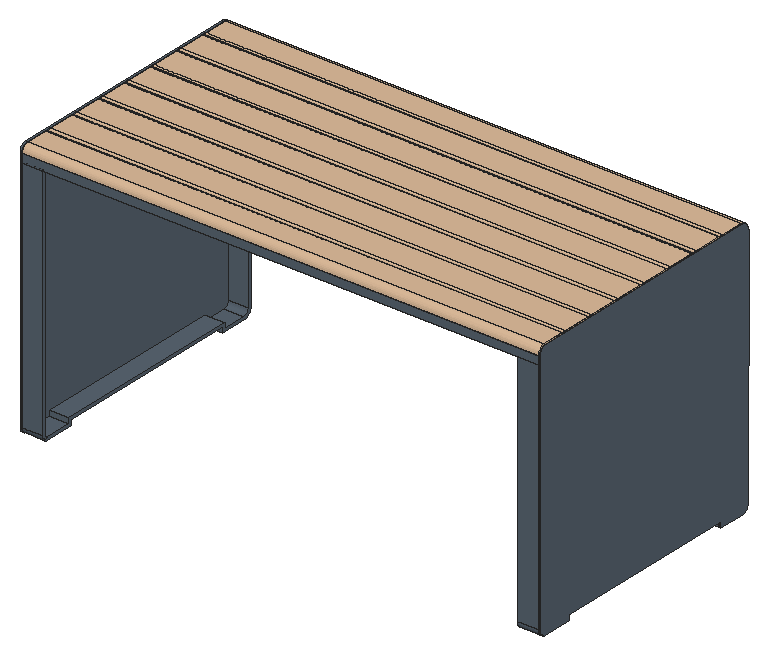
Revit family "product code 61112-S-L", category Meble, Revit 2021
Family settings
  Numer OmniClass = 23.40.20.00
  Tytuł OmniClass = General Furniture and Specialties
  Oparty na płaszczyźnie roboczej = Nie
  Zawsze pionowo = Tak
  Tnij formami wycięć po wczytaniu = Nie
  Współdzielony = Nie
  Punkt obliczania pomieszczeń = Nie
Parameters (values of type "61112-S-L")
  wood = Kobenhagen Wood - Larch
  metal = Kobenhagen RAL 5011
  Width = "75 cm"
  Weight = "75 kg"
  URL = "https://kobenhagen.com/en_US/p/Indre-By-Table-4-6-Seats/213"
  Product line = "Indre By"
  Product Groups = "Tables"
  Producent = "Lars Laj"
  Keynote = ""
  Opis = "Indre By Table 4-6 Seats"
  Model = "61112-S-L"
  Material = "Larch, stainless steel, powder coated steel"
  Maintenance = "We recommend to examine and tighten all screws and bolt clamps after a few weeks’ use. In order to prevent cracks and to extend the life of the wood, it is recommended that the wood details should be oiled every 3-5 years."
  Lenght = "150 cm"
  Type Comments = ""
  Kobenhagen Materials = "larslaj.com/bim"
  Hosted on larslaj.com = "https://larslaj.com/bim"
  Height = "75 cm"
  Domyślna rzędna = 0 mm
  Copyright = "All designs and drawings are the intellectual property of Lars Laj A/S and are protected by Danish and international copyright laws."
Reference planes
  plane 1 "front": y = 0
  plane 2: z = 0
  plane 3 "Środek (Lewa/Prawa)": x = 0
  plane 4 "left": x = -745.625
  plane 5 "right": x = 745.938
  plane 6 "back": y = 400
  plane 7: x = -685.625
  plane 8: x = 685.937
  plane 9: z = 705.918
  plane 10: z = 704.531
Forms (mm)
  Extrusion 1, solid, material "Kobenhagen Wood - Larch" <- "wood"
    sketch origin (0, -51.366, 319.828) x (0, 1, 0) y (0, 0, 1)
      loop
        arc (244.222, 429.703) -> (240.686, 428.239) -> (239.222, 424.703) r 5
        line (239.222, 424.703) -> (239.222, 388.972)
        arc (239.222, 388.972) -> (239.796, 387.586) -> (241.182, 387.012) r 1.96
        line (241.182, 387.012) -> (327.222, 387.012)
        arc (327.222, 387.012) -> (328.636, 387.598) -> (329.222, 389.012) r 2
        line (329.222, 389.012) -> (329.222, 424.703)
        arc (329.222, 424.703) -> (327.757, 428.239) -> (324.222, 429.703) r 5
        line (324.222, 429.703) -> (244.222, 429.703)
    from -745.625 to 745.937
  Extrusion 2, solid, material "Kobenhagen Wood - Larch" <- "wood"
    sketch origin (0, -153.815, 319.828) x (0, 1, 0) y (0, 0, 1)
      loop
        arc (252.671, 429.703) -> (249.136, 428.239) -> (247.671, 424.703) r 5
        line (247.671, 424.703) -> (247.671, 388.972)
        arc (247.671, 388.972) -> (248.245, 387.586) -> (249.631, 387.012) r 1.96
        line (249.631, 387.012) -> (335.671, 387.012)
        arc (335.671, 387.012) -> (337.085, 387.598) -> (337.671, 389.012) r 2
        line (337.671, 389.012) -> (337.671, 424.703)
        arc (337.671, 424.703) -> (336.207, 428.239) -> (332.671, 429.703) r 5
        line (332.671, 429.703) -> (252.671, 429.703)
    from -745.625 to 745.937
  Extrusion 3, solid, material "Kobenhagen Wood - Larch" <- "wood"
    sketch origin (0, -256.002, 319.828) x (0, 1, 0) y (0, 0, 1)
      loop
        arc (275.801, 429.704) -> (261.616, 423.828) -> (255.74, 409.642) r 20.061
        line (255.74, 409.642) -> (258.916, 409.642) -> (258.916, 387.013) -> (344.172, 387.013)
        arc (344.172, 387.013) -> (345.585, 387.598) -> (346.171, 389.012) r 1.999
        line (346.171, 389.012) -> (346.171, 424.706)
        arc (346.171, 424.706) -> (344.707, 428.24) -> (341.173, 429.704) r 4.998
        line (341.173, 429.704) -> (275.801, 429.704)
    from -745.625 to 745.937
  Extrusion 4, solid, material "Kobenhagen RAL 5011" <- "metal", not visible
    sketch origin (0, 0, 0) x (0, 1, 0) y (0, 0, 1)
      loop
        arc (71.187, 451.5) -> (57.045, 445.642) -> (51.187, 431.5) r 20
        line (51.187, 431.5) -> (51.187, 18.231)
        arc (51.187, 18.231) -> (56.527, 5.34) -> (69.418, 0) r 18.231
        line (69.418, 0) -> (153.638, 0) -> (153.638, 15) -> (448.638, 15) -> (448.638, 0) -> (527.023, 0)
        arc (527.023, 0) -> (542.307, 6.331) -> (548.638, 21.615) r 21.615
        line (548.638, 21.615) -> (548.638, 429.407)
        arc (548.638, 429.407) -> (542.168, 445.029) -> (526.545, 451.5) r 22.093
        line (526.545, 451.5) -> (71.187, 451.5)
    from 750.378 to 745
  Extrusion 5, solid, material "Kobenhagen RAL 5011" <- "metal", not visible
    sketch origin (0, 0, 0) x (0, 1, 0) y (0, 0, 1)
      loop
        line (548.638, 396.844) -> (629.375, 854.725) -> (601.836, 859.581)
        arc (601.836, 859.581) -> (585.224, 855.898) -> (576.082, 841.547) r 22.232
        line (576.082, 841.547) -> (507.306, 451.5) -> (526.545, 451.5)
        arc (526.545, 451.5) -> (542.168, 445.029) -> (548.638, 429.407) r 22.093
        line (548.638, 429.407) -> (548.638, 396.844)
    from 745 to 750.378
  Extrusion 6, solid, material "Kobenhagen RAL 5011" <- "metal"
    sketch origin (0, -51.25, 0) x (0, -1, 0) y (0, 0, 1)
      loop
        line (-71.187, 749.531) -> (-779.045, 749.531)
        arc (-779.045, 749.531) -> (-794.668, 743.06) -> (-801.138, 727.438) r 22.093
        line (-801.138, 727.438) -> (-801.138, 21.615)
        arc (-801.138, 21.615) -> (-794.807, 6.331) -> (-779.523, 0) r 21.615
        line (-779.523, 0) -> (-701.138, 0) -> (-701.138, 15) -> (-153.638, 15) -> (-153.638, 0) -> (-69.418, 0)
        arc (-69.418, 0) -> (-56.527, 5.34) -> (-51.187, 18.231) r 18.231
        line (-51.187, 18.231) -> (-51.187, 729.531)
        arc (-51.187, 729.531) -> (-57.045, 743.673) -> (-71.187, 749.531) r 20
    from 750.725 to 745.625
  Extrusion 7, solid, material "Kobenhagen RAL 5011" <- "metal"
    sketch origin (0, -51.25, 0) x (0, 1, 0) y (0, 0, 1)
      loop
        line (801.138, 23.296) -> (801.138, 707) -> (51.187, 707) -> (51.187, 18.763)
        arc (51.187, 18.763) -> (56.683, 5.495) -> (69.95, 0) r 18.763
        line (69.95, 0) -> (153.638, 0) -> (153.638, 15) -> (701.138, 15) -> (701.138, 0) -> (777.842, 0)
        arc (777.842, 0) -> (794.315, 6.823) -> (801.138, 23.296) r 23.296
      loop
        line (58.687, 701) -> (58.687, 18.763)
        arc (58.687, 18.763) -> (61.986, 10.799) -> (69.95, 7.5) r 11.263
        line (69.95, 7.5) -> (146.138, 7.5) -> (146.138, 22.5) -> (708.638, 22.5) -> (708.638, 7.5) -> (777.842, 7.5)
        arc (777.842, 7.5) -> (789.012, 12.127) -> (793.638, 23.296) r 15.796
        line (793.638, 23.296) -> (793.638, 701) -> (58.687, 701)
    from -745.625 to -685.625
  Extrusion 8, solid, material "Kobenhagen RAL 5011" <- "metal"
    sketch origin (0, -51.335, 298.368) x (0, 1, 0) y (0, 0, 1)
      loop
        line (53.936, 431.102) -> (51.187, 431.102) -> (51.187, 406.163) -> (74.817, 406.163) -> (74.817, 408.472) -> (53.936, 408.472) -> (53.936, 431.102)
    from -745.625 to 745.937
  Extrusion 9, solid, material "Kobenhagen Wood - Larch" <- "wood"
    sketch origin (0, 1006.419, 319.828) x (0, -1, 0) y (0, 0, -1)
      loop
        line (275.801, -429.704) -> (342.815, -429.704)
        arc (342.815, -429.704) -> (346.349, -428.24) -> (347.813, -424.706) r 4.998
        line (347.813, -424.706) -> (347.813, -389.012)
        arc (347.813, -389.012) -> (347.227, -387.598) -> (345.813, -387.013) r 1.999
        line (345.813, -387.013) -> (258.705, -387.013) -> (258.705, -409.642) -> (255.74, -409.642)
        arc (255.74, -409.642) -> (261.616, -423.828) -> (275.801, -429.704) r 20.061
    from -745.625 to 745.938
  Extrusion 10, solid, material "Kobenhagen Wood - Larch" <- "wood"
    sketch origin (0, 137.384, 319.828) x (0, 1, 0) y (0, 0, 1)
      loop
        arc (244.222, 429.703) -> (240.686, 428.239) -> (239.222, 424.703) r 5
        line (239.222, 424.703) -> (239.222, 388.972)
        arc (239.222, 388.972) -> (239.796, 387.586) -> (241.182, 387.012) r 1.96
        line (241.182, 387.012) -> (327.222, 387.012)
        arc (327.222, 387.012) -> (328.636, 387.598) -> (329.222, 389.012) r 2
        line (329.222, 389.012) -> (329.222, 424.703)
        arc (329.222, 424.703) -> (327.757, 428.239) -> (324.222, 429.703) r 5
        line (324.222, 429.703) -> (244.222, 429.703)
    from -745.625 to 745.937
  Extrusion 11, solid, material "Kobenhagen Wood - Larch" <- "wood"
    sketch origin (0, 34.935, 319.828) x (0, 1, 0) y (0, 0, 1)
      loop
        arc (252.671, 429.703) -> (249.136, 428.239) -> (247.671, 424.703) r 5
        line (247.671, 424.703) -> (247.671, 388.972)
        arc (247.671, 388.972) -> (248.245, 387.586) -> (249.631, 387.012) r 1.96
        line (249.631, 387.012) -> (335.671, 387.012)
        arc (335.671, 387.012) -> (337.085, 387.598) -> (337.671, 389.012) r 2
        line (337.671, 389.012) -> (337.671, 424.703)
        arc (337.671, 424.703) -> (336.207, 428.239) -> (332.671, 429.703) r 5
        line (332.671, 429.703) -> (252.671, 429.703)
    from -745.625 to 745.937
  Extrusion 12, solid, material "Kobenhagen Wood - Larch" <- "wood"
    sketch origin (0, 325.384, 319.828) x (0, 1, 0) y (0, 0, 1)
      loop
        arc (244.222, 429.703) -> (240.686, 428.239) -> (239.222, 424.703) r 5
        line (239.222, 424.703) -> (239.222, 388.972)
        arc (239.222, 388.972) -> (239.796, 387.586) -> (241.182, 387.012) r 1.96
        line (241.182, 387.012) -> (327.222, 387.012)
        arc (327.222, 387.012) -> (328.636, 387.598) -> (329.222, 389.012) r 2
        line (329.222, 389.012) -> (329.222, 424.703)
        arc (329.222, 424.703) -> (327.757, 428.239) -> (324.222, 429.703) r 5
        line (324.222, 429.703) -> (244.222, 429.703)
    from -745.625 to 745.937
  Extrusion 13, solid, material "Kobenhagen Wood - Larch" <- "wood"
    sketch origin (0, 222.31, 319.828) x (0, 1, 0) y (0, 0, 1)
      loop
        arc (252.671, 429.703) -> (249.136, 428.239) -> (247.671, 424.703) r 5
        line (247.671, 424.703) -> (247.671, 388.972)
        arc (247.671, 388.972) -> (248.245, 387.586) -> (249.631, 387.012) r 1.96
        line (249.631, 387.012) -> (335.671, 387.012)
        arc (335.671, 387.012) -> (337.085, 387.598) -> (337.671, 389.012) r 2
        line (337.671, 389.012) -> (337.671, 424.703)
        arc (337.671, 424.703) -> (336.207, 428.239) -> (332.671, 429.703) r 5
        line (332.671, 429.703) -> (252.671, 429.703)
    from -745.625 to 745.937
  Extrusion 14, solid, material "Kobenhagen Wood - Larch" <- "wood", not visible
    sketch origin (0, -896.088, 385.255) x (0, 1, 0) y (0, 0, 1)
      loop
        arc (244.222, 429.703) -> (240.686, 428.239) -> (239.222, 424.703) r 5
        line (239.222, 424.703) -> (239.222, 388.972)
        arc (239.222, 388.972) -> (239.796, 387.586) -> (241.182, 387.012) r 1.96
        line (241.182, 387.012) -> (327.222, 387.012)
        arc (327.222, 387.012) -> (328.636, 387.598) -> (329.222, 389.012) r 2
        line (329.222, 389.012) -> (329.222, 424.703)
        arc (329.222, 424.703) -> (327.757, 428.239) -> (324.222, 429.703) r 5
        line (324.222, 429.703) -> (244.222, 429.703)
    from -745.625 to 745.937
  Extrusion 15, solid, material "Kobenhagen Wood - Larch" <- "wood", not visible
    sketch origin (0, -998.538, 385.255) x (0, 1, 0) y (0, 0, 1)
      loop
        arc (252.671, 429.703) -> (249.136, 428.239) -> (247.671, 424.703) r 5
        line (247.671, 424.703) -> (247.671, 388.972)
        arc (247.671, 388.972) -> (248.245, 387.586) -> (249.631, 387.012) r 1.96
        line (249.631, 387.012) -> (335.671, 387.012)
        arc (335.671, 387.012) -> (337.085, 387.598) -> (337.671, 389.012) r 2
        line (337.671, 389.012) -> (337.671, 424.703)
        arc (337.671, 424.703) -> (336.207, 428.239) -> (332.671, 429.703) r 5
        line (332.671, 429.703) -> (252.671, 429.703)
    from -745.625 to 745.937
  Extrusion 16, solid, material "Kobenhagen Wood - Larch" <- "wood", not visible
    sketch origin (0, -1101.038, 385.255) x (0, 1, 0) y (0, 0, 1)
      loop
        arc (275.801, 429.704) -> (261.616, 423.828) -> (255.74, 409.642) r 20.061
        line (255.74, 409.642) -> (258.916, 409.642) -> (258.916, 387.013) -> (344.172, 387.013)
        arc (344.172, 387.013) -> (345.585, 387.598) -> (346.171, 389.012) r 1.999
        line (346.171, 389.012) -> (346.171, 424.706)
        arc (346.171, 424.706) -> (344.707, 428.24) -> (341.173, 429.704) r 4.998
        line (341.173, 429.704) -> (275.801, 429.704)
    from -745.625 to 745.937
  Extrusion 17, solid, material "Kobenhagen RAL 5011" <- "metal", not visible
    sketch origin (0, -896.058, 363.795) x (0, 1, 0) y (0, 0, 1)
      loop
        line (53.936, 431.102) -> (51.187, 431.102) -> (51.187, 407.787) -> (53.936, 407.787) -> (53.936, 431.102)
    from -745.625 to 745.937
  Extrusion 18, solid, material "Kobenhagen Wood - Larch" <- "wood", not visible
    sketch origin (0, 162.946, 385.255) x (0, -1, 0) y (0, 0, -1)
      loop
        line (275.801, -429.704) -> (342.815, -429.704)
        arc (342.815, -429.704) -> (346.349, -428.24) -> (347.813, -424.706) r 4.998
        line (347.813, -424.706) -> (347.813, -389.012)
        arc (347.813, -389.012) -> (347.227, -387.598) -> (345.813, -387.013) r 1.999
        line (345.813, -387.013) -> (258.705, -387.013) -> (258.705, -409.642) -> (255.74, -409.642)
        arc (255.74, -409.642) -> (261.616, -423.828) -> (275.801, -429.704) r 20.061
    from -745.625 to 745.938
  Extrusion 19, solid, material "Kobenhagen RAL 5011" <- "metal", not visible
    sketch origin (0, -41.823, 363.795) x (0, -1, 0) y (0, 0, -1)
      loop
        line (53.936, -431.102) -> (53.936, -407.787) -> (51.187, -407.787) -> (51.187, -431.102) -> (53.936, -431.102)
    from -745.625 to 745.938
  Extrusion 20, solid, material "Kobenhagen Wood - Larch" <- "wood", not visible
    sketch origin (0, -707.338, 385.255) x (0, 1, 0) y (0, 0, 1)
      loop
        arc (244.222, 429.703) -> (240.686, 428.239) -> (239.222, 424.703) r 5
        line (239.222, 424.703) -> (239.222, 388.972)
        arc (239.222, 388.972) -> (239.796, 387.586) -> (241.182, 387.012) r 1.96
        line (241.182, 387.012) -> (327.222, 387.012)
        arc (327.222, 387.012) -> (328.636, 387.598) -> (329.222, 389.012) r 2
        line (329.222, 389.012) -> (329.222, 424.703)
        arc (329.222, 424.703) -> (327.757, 428.239) -> (324.222, 429.703) r 5
        line (324.222, 429.703) -> (244.222, 429.703)
    from -745.625 to 745.937
  Extrusion 21, solid, material "Kobenhagen Wood - Larch" <- "wood", not visible
    sketch origin (0, -809.788, 385.255) x (0, 1, 0) y (0, 0, 1)
      loop
        arc (252.671, 429.703) -> (249.136, 428.239) -> (247.671, 424.703) r 5
        line (247.671, 424.703) -> (247.671, 388.972)
        arc (247.671, 388.972) -> (248.245, 387.586) -> (249.631, 387.012) r 1.96
        line (249.631, 387.012) -> (335.671, 387.012)
        arc (335.671, 387.012) -> (337.085, 387.598) -> (337.671, 389.012) r 2
        line (337.671, 389.012) -> (337.671, 424.703)
        arc (337.671, 424.703) -> (336.207, 428.239) -> (332.671, 429.703) r 5
        line (332.671, 429.703) -> (252.671, 429.703)
    from -745.625 to 745.937
  Extrusion 22, solid, material "Kobenhagen Wood - Larch" <- "wood", not visible
    sketch origin (0, -519.338, 385.255) x (0, 1, 0) y (0, 0, 1)
      loop
        arc (244.222, 429.703) -> (240.686, 428.239) -> (239.222, 424.703) r 5
        line (239.222, 424.703) -> (239.222, 388.972)
        arc (239.222, 388.972) -> (239.796, 387.586) -> (241.182, 387.012) r 1.96
        line (241.182, 387.012) -> (327.222, 387.012)
        arc (327.222, 387.012) -> (328.636, 387.598) -> (329.222, 389.012) r 2
        line (329.222, 389.012) -> (329.222, 424.703)
        arc (329.222, 424.703) -> (327.757, 428.239) -> (324.222, 429.703) r 5
        line (324.222, 429.703) -> (244.222, 429.703)
    from -745.625 to 745.937
  Extrusion 23, solid, material "Kobenhagen Wood - Larch" <- "wood", not visible
    sketch origin (0, -621.788, 385.255) x (0, 1, 0) y (0, 0, 1)
      loop
        arc (252.671, 429.703) -> (249.136, 428.239) -> (247.671, 424.703) r 5
        line (247.671, 424.703) -> (247.671, 388.972)
        arc (247.671, 388.972) -> (248.245, 387.586) -> (249.631, 387.012) r 1.96
        line (249.631, 387.012) -> (335.671, 387.012)
        arc (335.671, 387.012) -> (337.085, 387.598) -> (337.671, 389.012) r 2
        line (337.671, 389.012) -> (337.671, 424.703)
        arc (337.671, 424.703) -> (336.207, 428.239) -> (332.671, 429.703) r 5
        line (332.671, 429.703) -> (252.671, 429.703)
    from -745.625 to 745.937
  Extrusion 24, solid, material "Kobenhagen RAL 5011" <- "metal"
    sketch origin (0, -51.25, 0) x (0, -1, 0) y (0, 0, -1)
      loop
        arc (-71.187, -749.531) -> (-57.045, -743.673) -> (-51.187, -729.531) r 20
        line (-51.187, -729.531) -> (-51.187, -18.231)
        arc (-51.187, -18.231) -> (-56.527, -5.34) -> (-69.418, 0) r 18.231
        line (-69.418, 0) -> (-153.638, 0) -> (-153.638, -15) -> (-701.138, -15) -> (-701.138, 0) -> (-779.523, 0)
        arc (-779.523, 0) -> (-794.807, -6.331) -> (-801.138, -21.615) r 21.615
        line (-801.138, -21.615) -> (-801.138, -727.438)
        arc (-801.138, -727.438) -> (-794.668, -743.06) -> (-779.045, -749.531) r 22.093
        line (-779.045, -749.531) -> (-71.187, -749.531)
    from 750.725 to 745.625
  Extrusion 25, solid, material "Kobenhagen RAL 5011" <- "metal"
    sketch origin (0, -51.25, 0) x (0, 1, 0) y (0, 0, -1)
      loop
        arc (801.138, -23.296) -> (794.315, -6.823) -> (777.842, 0) r 23.296
        line (777.842, 0) -> (701.138, 0) -> (701.138, -15) -> (153.638, -15) -> (153.638, 0) -> (69.95, 0)
        arc (69.95, 0) -> (56.683, -5.495) -> (51.187, -18.763) r 18.763
        line (51.187, -18.763) -> (51.187, -707) -> (801.138, -707) -> (801.138, -23.296)
      loop
        line (58.687, -701) -> (793.638, -701) -> (793.638, -23.296)
        arc (793.638, -23.296) -> (789.012, -12.127) -> (777.842, -7.5) r 15.796
        line (777.842, -7.5) -> (708.638, -7.5) -> (708.638, -22.5) -> (146.138, -22.5) -> (146.138, -7.5) -> (69.95, -7.5)
        arc (69.95, -7.5) -> (61.986, -10.799) -> (58.687, -18.763) r 11.263
        line (58.687, -18.763) -> (58.687, -701)
    from -745.625 to -685.625
  Extrusion 26, solid, material "Kobenhagen RAL 5011" <- "metal"
    sketch origin (0, 0, 0) x (1, 0, 0) y (0, 1, 0)
      loop
        line (33.187, 23.482) -> (33.187, 726.792) -> (-26.813, 726.792) -> (-26.813, 23.482) -> (33.187, 23.482)
    from 704.531 to 706.84
  Extrusion 27, solid, material "Kobenhagen RAL 5011" <- "metal"
    sketch origin (0, 801.61, 298.368) x (0, -1, 0) y (0, 0, -1)
      loop
        line (53.936, -431.102) -> (53.936, -408.472) -> (74.817, -408.472) -> (74.817, -406.163) -> (51.187, -406.163) -> (51.187, -431.102) -> (53.936, -431.102)
    from -745.625 to 745.937
Lines and regions (mm)
  model lines, style "9"
    curve 1: line (264.233, -99.489, 0) -> (264.233, -93.489, 0)
    curve 2: line (264.233, -399.489, 0) -> (264.233, -405.489, 0)
    curve 3: line (-304.767, -99.489, 0) -> (-304.767, -93.489, 0)
    curve 4: line (-304.767, -399.489, 0) -> (-304.767, -405.489, 0)
    curve 5: line (-281.767, -99.489, 0) -> (-281.767, -93.489, 0)
    curve 6: line (-281.767, -399.489, 0) -> (-281.767, -405.489, 0)
    curve 9: line (0, -245.5, 21) -> (0, -239.5, 21)
    curve 10: line (0, -445.5, 21) -> (0, -451.5, 21)
    curve 11: line (0, -194.867, 21.088) -> (0, -188.867, 21.088)
    curve 12: line (0, -744.867, 21.088) -> (0, -750.867, 21.088)
  model lines, style "8"
    curve 7: line (0, -170.5, 1054) -> (0, -158, 1054)
    curve 8: line (0, -170.5, 1054) -> (0, -158, 1054)
Dimensions and locks
  Extrusion 1 sketch curve to Extrusion 1 sketch curve = 90 mm
  Extrusion 1 sketch curve to Extrusion 1 sketch curve = 42.691 mm
  Extrusion 2 sketch curve to Extrusion 2 sketch curve = 90 mm
  Extrusion 2 sketch curve to Extrusion 2 sketch curve = 42.691 mm
  Extrusion 3 sketch curve to Extrusion 3 sketch curve = 42.691 mm
  Extrusion 9 sketch curve to Extrusion 9 sketch curve = 42.691 mm
  Extrusion 10 sketch curve to Extrusion 10 sketch curve = 90 mm
  Extrusion 10 sketch curve to Extrusion 10 sketch curve = 42.691 mm
  Extrusion 11 sketch curve to Extrusion 11 sketch curve = 90 mm
  Extrusion 11 sketch curve to Extrusion 11 sketch curve = 42.691 mm
  Extrusion 12 sketch curve to Extrusion 12 sketch curve = 90 mm
  Extrusion 12 sketch curve to Extrusion 12 sketch curve = 42.691 mm
  Extrusion 13 sketch curve to Extrusion 13 sketch curve = 90 mm
  Extrusion 13 sketch curve to Extrusion 13 sketch curve = 42.691 mm
  Extrusion 14 sketch curve to Extrusion 14 sketch curve = 90 mm
  Extrusion 14 sketch curve to Extrusion 14 sketch curve = 42.691 mm
  Extrusion 15 sketch curve to Extrusion 15 sketch curve = 90 mm
  Extrusion 15 sketch curve to Extrusion 15 sketch curve = 42.691 mm
  Extrusion 16 sketch curve to Extrusion 16 sketch curve = 42.691 mm
  Extrusion 18 sketch curve to Extrusion 18 sketch curve = 42.691 mm
  Extrusion 20 sketch curve to Extrusion 20 sketch curve = 90 mm
  Extrusion 20 sketch curve to Extrusion 20 sketch curve = 42.691 mm
  Extrusion 21 sketch curve to Extrusion 21 sketch curve = 90 mm
  Extrusion 21 sketch curve to Extrusion 21 sketch curve = 42.691 mm
  Extrusion 22 sketch curve to Extrusion 22 sketch curve = 90 mm
  Extrusion 22 sketch curve to Extrusion 22 sketch curve = 42.691 mm
  Extrusion 23 sketch curve to Extrusion 23 sketch curve = 90 mm
  Extrusion 23 sketch curve to Extrusion 23 sketch curve = 42.691 mm
  Extrusion 7 sketch curve to Extrusion 6 = 749.951 mm
  Extrusion 25 sketch curve to Extrusion 24 = 749.951 mm
  aligned and locked: level to plane 2
  aligned and locked: plane 5 "right" to Extrusion 1
  aligned and locked: Extrusion 1 to plane 4 "left"
  aligned and locked: plane 5 "right" to Extrusion 2
  aligned and locked: plane 5 "right" to Extrusion 3
  aligned and locked: Extrusion 2 to plane 4 "left"
  aligned and locked: Extrusion 3 to plane 4 "left"
  aligned and locked: plane 4 "left" to Extrusion 6
  aligned and locked: Extrusion 7 to plane 4 "left"
  aligned and locked: plane 7 to Extrusion 7
  aligned and locked: Extrusion 8 to plane 4 "left"
  aligned and locked: plane 5 "right" to Extrusion 8
  aligned and locked: plane 5 "right" to Extrusion 9
